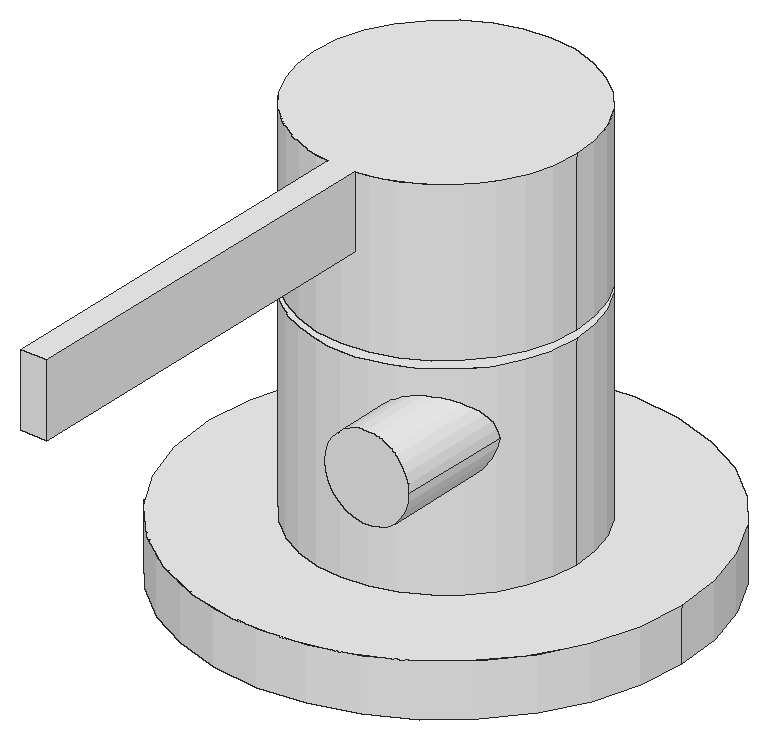
Revit family "KEUCO_59552019501", category Allgemeines Modell, Revit 2016
Family settings
  Teiletyp = Normal
  Kann Basisbauteil für Bewehrung sein = Nein
  Bemaßung runder Anschluss = Durchmesser verwenden
  Arbeitsebenenbasiert = Ja
  Immer vertikal = Nein
  Beim Laden mit Abzugskörper schneiden = Nein
  Gemeinsam genutzt = Nein
  Raumberechnungspunkt = Nein
Parameters
  Verwendung = "DU / WA"  # constant formula
  Preisgruppe = ""
  Kategorie = ""
  Gewicht = 0
  Breite = 45 mm
  URL = "https://www.keuco.com"
  Materialien bei Hersteller anfragen = "Anfrage zu:  objektmanagement@keuco.de"
  Description = "--"
  Default Elevation = 1219.2 mm
  Serie = "Plan"  # constant formula
  Material = Stahl, verchromt
  Hersteller = "KEUCO"  # constant formula
  Assembly Code = ""
  Ausschreibungstext = ""
  Artikelnummer = "59552019501"
Types (2, lengths in mm): name | URL | Materialien bei Hersteller anfragen | Description | Ausschreibungstext
  (no name) | "https://www.keuco.com" | "Anfrage zu:  objektmanagement@keuco.de" | "--" | ""
  59552019501 | "https://www.keuco.com/de/produkte/sortiment/artikel/?pid=59552&oid=3&pgo=19&country=de&lang=de&vid=59552019501" | "Request to:  objektmanagement@keuco.de" | "Mischwasserkartusche mit keramischen Dichtscheiben,\r\nTemperaturbegrenzung und Durchflussbegrenzung,\r\nSchlauchanschluss eigensicher gegen Rückfließen\r\nnach DIN EN 1717\r\nFertigset bestehend aus:\r\nHebel, Gehäuse und Rosette (rund), passend für\r\nUP Funktionseinheit Art. Nr. 59552 000170" | "KEUCO IXMO - SOLO Einhebelmischer 59552019501\r\nEinhebelmischer mit integriertem Schlauchanschluss UP DN15\r\nHochglanzverchromter Einhebelmischer mit Schlauchanschluss für die Dusche \r\naus entzinkungsarmen Messing, mit runder Rosette, frei positionierbar,\r\nIntegrierter Einbautiefenausgleich von 65-95mm, Gehäuse schallentkoppelt,\r\nHochwertige Mischwasserkartusche mit keramischen Dichtscheiben und Temperaturbegrenzung,\r\nFertigset bestehend aus:\r\nHebel, Hülse, Rosette (rund) und Funktionseinheit,\r\nGesamthöhe mit Griff 130 mm, Rosettendurchmesser 90 mm,\r\nStärke 10 mm, Gesamtausladung 89 mm\r\npassend für UP-Funktionseinheit Artikel-Nr. 59552000170"
Reference planes
  plane 1 "Center (Front/Back)": y = 0
  plane 2: z = 0
  plane 3 "Center (Left/Right)": x = 0
  plane 4: z = 80
Forms (mm)
  Extrusion 1, solid, material "Stahl, verchromt" <- "Material"
    sketch origin (0, 16.5, 20) x (0, 1, 0) y (-1, 0, 0)
      loop
        circle (-16.5, 0) r 45
    from -20 to -10
  Extrusion 2, solid, material "Stahl, verchromt" <- "Material"
    sketch origin (0, 16.5, 20) x (0, 1, 0) y (-1, 0, 0)
      loop
        circle (-16.5, 0) r 25
    from -10 to 28.524
  Extrusion 3, solid, material "Stahl, verchromt" <- "Material"
    sketch origin (0, 16.5, 60) x (1, 0, 0) y (0, 1, 0)
      loop
        circle (0, -16.5) r 25
    from -10 to 20
  Extrusion 4, solid, material "Stahl, verchromt" <- "Material"
    sketch origin (0, 16.5, 20) x (0, 1, 0) y (-1, 0, 0)
      loop
        line (-39.628, 2.5) -> (-114.628, 2.5) -> (-114.628, -2.5) -> (-39.628, -2.5) -> (-39.628, 2.5)
    from 46.32 to 60
  Extrusion 5, solid, material "Stahl, verchromt" <- "Material"
    sketch origin (0.067, 0.434, 0) x (1, 0, 0) y (0, 0, 1)
      loop
        circle (12.956, 36) r 8.015
    from 13.274 to 35.444
Cuts and joins
  joined: Extrusion 3, Extrusion 4
  joined: Extrusion 2, Extrusion 5
Dimensions and locks
  plane 4 to plane 2 = 80 mm
  Extrusion 3 to Extrusion 3 = 30 mm
  aligned and locked: level to plane 2
